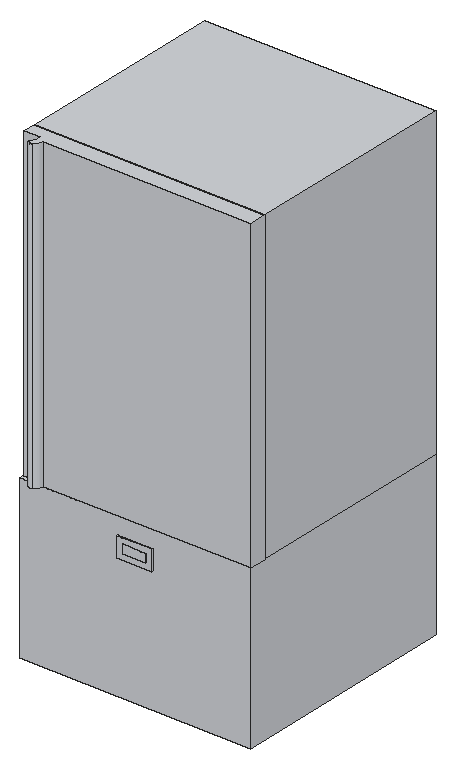
Revit family "Шкафы шоковой заморозки", category Оборудование, Revit 2020 (continued)
Automatic sketch dimensions
  curve 790 to curve 789 = 14.142 mm
  curve 1884 to curve 1883 = 14.142 mm
  curve 1680 to curve 1673 = 5.858 mm
  curve 1678 to curve 1671 = 5.858 mm
  curve 1681 to curve 1674 = 5.858 mm
  curve 1677 to curve 1670 = 5.858 mm
  curve 1676 to curve 1669 = 5.858 mm
  curve 797 to curve 786 = 5.858 mm
  curve 1682 to curve 1875 = 5.858 mm
  curve 796 to curve 785 = 5.858 mm
  curve 1675 to curve 1668 = 5.858 mm
  curve 795 to curve 784 = 5.858 mm
  curve 798 to curve 1667 = 5.858 mm
  curve 794 to curve 783 = 5.858 mm
  curve 1679 to curve 1672 = 5.858 mm
  curve 793 to curve 782 = 5.858 mm
  curve 792 to curve 781 = 5.858 mm
  curve 791 to curve 780 = 5.858 mm
  curve 1885 to curve 1880 = 5.858 mm
  curve 790 to curve 779 = 5.858 mm
  curve 1884 to curve 1879 = 5.858 mm
  curve 789 to curve 778 = 5.858 mm
  curve 1883 to curve 1878 = 5.858 mm
  curve 788 to curve 777 = 5.858 mm
  curve 1882 to curve 1877 = 5.858 mm
  curve 787 to curve 776 = 5.858 mm
  curve 1881 to curve 1876 = 5.858 mm
  curve 775 to curve 776 = 0 mm
  curve 1876 to curve 1875 = 14.142 mm
  curve 776 to curve 775 = 14.142 mm
  curve 1877 to curve 1876 = 14.142 mm
  curve 1669 to curve 1668 = 14.142 mm
  curve 777 to curve 776 = 14.142 mm
  curve 782 to curve 781 = 14.142 mm
  curve 780 to curve 779 = 14.142 mm
  curve 1670 to curve 1669 = 14.142 mm
  curve 1671 to curve 1670 = 14.142 mm
  curve 783 to curve 782 = 14.142 mm
  curve 784 to curve 783 = 14.142 mm
  curve 785 to curve 784 = 14.142 mm
  curve 786 to curve 785 = 14.142 mm
  curve 1674 to curve 1875 = 0 mm
  curve 1667 to curve 786 = 14.142 mm
  curve 1674 to curve 1673 = 14.142 mm
  curve 1880 to curve 1879 = 14.142 mm
  curve 781 to curve 780 = 14.142 mm
  curve 779 to curve 778 = 14.142 mm
  curve 1673 to curve 1672 = 14.142 mm
  curve 1879 to curve 1878 = 14.142 mm
  curve 1878 to curve 1877 = 14.142 mm
  curve 1672 to curve 1671 = 14.142 mm
  curve 778 to curve 777 = 14.142 mm
  curve 786 to curve 1667 = 0 mm
  curve 1880 to curve 1958 = 8.302 mm
  curve 1879 to curve 1957 = 8.302 mm
  curve 779 to curve 980 = 8.302 mm
  curve 777 to curve 978 = 8.302 mm
  curve 786 to curve 987 = 8.302 mm
  curve 1878 to curve 1956 = 8.302 mm
  curve 1668 to curve 1772 = 8.302 mm
  curve 782 to curve 983 = 8.302 mm
  curve 785 to curve 986 = 8.302 mm
  curve 1877 to curve 1955 = 8.302 mm
  curve 1876 to curve 1954 = 8.302 mm
  curve 1667 to curve 1771 = 8.302 mm
  curve 784 to curve 985 = 8.302 mm
  curve 1875 to curve 1953 = 8.302 mm
  curve 778 to curve 979 = 8.302 mm
  curve 1669 to curve 1773 = 8.302 mm
  curve 781 to curve 982 = 8.302 mm
  curve 783 to curve 984 = 8.302 mm
  curve 776 to curve 977 = 8.302 mm
  curve 775 to curve 976 = 8.302 mm
  curve 1674 to curve 1778 = 8.302 mm
  curve 1670 to curve 1774 = 8.302 mm
  curve 1673 to curve 1777 = 8.302 mm
  curve 1671 to curve 1775 = 8.302 mm
  curve 1672 to curve 1776 = 8.302 mm
  curve 780 to curve 981 = 8.302 mm
  curve 1776 to curve 1777 = 14.142 mm
  curve 1774 to curve 1775 = 14.142 mm
  curve 1777 to curve 1778 = 14.142 mm
  curve 983 to curve 984 = 14.142 mm
  curve 1773 to curve 1774 = 14.142 mm
  curve 979 to curve 980 = 14.142 mm
  curve 984 to curve 985 = 14.142 mm
  curve 985 to curve 986 = 14.142 mm
  curve 1772 to curve 1773 = 14.142 mm
  curve 978 to curve 979 = 14.142 mm
  curve 986 to curve 987 = 14.142 mm
  curve 976 to curve 976 = 14.142 mm
  curve 1771 to curve 1772 = 14.142 mm
  curve 976 to curve 977 = 14.142 mm
  curve 987 to curve 1771 = 0 mm
  curve 1957 to curve 1958 = 14.142 mm
  curve 1956 to curve 1957 = 14.142 mm
  curve 1955 to curve 1956 = 14.142 mm
  curve 1954 to curve 1955 = 14.142 mm
  curve 982 to curve 983 = 14.142 mm
  curve 1953 to curve 1954 = 14.142 mm
  curve 1778 to curve 1953 = 0 mm
  curve 980 to curve 981 = 14.142 mm
  curve 1775 to curve 1776 = 14.142 mm
  curve 981 to curve 982 = 14.142 mm
  curve 977 to curve 978 = 14.142 mm
  curve 1771 to curve 999 = 5.858 mm
  curve 986 to curve 997 = 5.858 mm
  curve 1953 to curve 1786 = 5.858 mm
  curve 1778 to curve 1785 = 5.858 mm
  curve 985 to curve 996 = 5.858 mm
  curve 1777 to curve 1784 = 5.858 mm
  curve 1776 to curve 1783 = 5.858 mm
  curve 984 to curve 995 = 5.858 mm
  curve 1772 to curve 1779 = 5.858 mm
  curve 1773 to curve 1780 = 5.858 mm
  curve 1774 to curve 1781 = 5.858 mm
  curve 983 to curve 994 = 5.858 mm
  curve 1958 to curve 1963 = 5.858 mm
  curve 982 to curve 993 = 5.858 mm
  curve 1957 to curve 1962 = 5.858 mm
  curve 1956 to curve 1961 = 5.858 mm
  curve 977 to curve 988 = 5.858 mm
  curve 1955 to curve 1960 = 5.858 mm
  curve 978 to curve 989 = 5.858 mm
  curve 979 to curve 990 = 5.858 mm
  curve 1954 to curve 1959 = 5.858 mm
  curve 980 to curve 991 = 5.858 mm
  curve 1775 to curve 1782 = 5.858 mm
  curve 987 to curve 998 = 5.858 mm
  curve 981 to curve 992 = 5.858 mm
  curve 993 to curve 994 = 14.142 mm
  curve 994 to curve 995 = 14.142 mm
  curve 1782 to curve 1783 = 14.142 mm
  curve 995 to curve 996 = 14.142 mm
  curve 996 to curve 997 = 14.142 mm
  curve 997 to curve 998 = 14.142 mm
  curve 998 to curve 999 = 14.142 mm
  curve 1785 to curve 1786 = 14.142 mm
  curve 1784 to curve 1785 = 14.142 mm
  curve 1783 to curve 1784 = 14.142 mm
  curve 999 to curve 1779 = 0 mm
  curve 1779 to curve 1780 = 14.142 mm
  curve 1780 to curve 1781 = 14.142 mm
  curve 1963 to curve 1964 = 14.142 mm
  curve 1962 to curve 1963 = 14.142 mm
  curve 1961 to curve 1962 = 14.142 mm
  curve 976 to curve 988 = 20 mm
  curve 1960 to curve 1961 = 14.142 mm
  curve 988 to curve 989 = 14.142 mm
  curve 1959 to curve 1960 = 14.142 mm
  curve 989 to curve 990 = 14.142 mm
  curve 1781 to curve 1782 = 14.142 mm
  curve 990 to curve 991 = 14.142 mm
  curve 1786 to curve 1959 = 0 mm
  curve 991 to curve 992 = 14.142 mm
  curve 992 to curve 993 = 14.142 mm
  curve 1959 to curve 1794 = 5.858 mm
  curve 1960 to curve 1965 = 5.858 mm
  curve 1785 to curve 1792 = 5.858 mm
  curve 1961 to curve 1966 = 5.858 mm
  curve 1784 to curve 1791 = 5.858 mm
  curve 1962 to curve 1967 = 5.858 mm
  curve 1783 to curve 1790 = 5.858 mm
  curve 1963 to curve 1968 = 5.858 mm
  curve 1782 to curve 1789 = 5.858 mm
  curve 1964 to curve 1969 = 5.858 mm
  curve 1781 to curve 1788 = 5.858 mm
  curve 1780 to curve 1787 = 5.858 mm
  curve 1779 to curve 1011 = 5.858 mm
  curve 989 to curve 1000 = 5.858 mm
  curve 999 to curve 1010 = 5.858 mm
  curve 990 to curve 1001 = 5.858 mm
  curve 998 to curve 1009 = 5.858 mm
  curve 991 to curve 1002 = 5.858 mm
  curve 992 to curve 1003 = 5.858 mm
  curve 997 to curve 1008 = 5.858 mm
  curve 993 to curve 1004 = 5.858 mm
  curve 996 to curve 1007 = 5.858 mm
  curve 994 to curve 1005 = 5.858 mm
  curve 995 to curve 1006 = 5.858 mm
  curve 1786 to curve 1793 = 5.858 mm
  curve 1006 to curve 1007 = 14.142 mm
  curve 1004 to curve 1005 = 14.142 mm
  curve 1007 to curve 1008 = 14.142 mm
  curve 1003 to curve 1004 = 14.142 mm
  curve 1008 to curve 1009 = 14.142 mm
  curve 1002 to curve 1003 = 14.142 mm
  curve 1001 to curve 1002 = 14.142 mm
  curve 1009 to curve 1010 = 14.142 mm
  curve 1000 to curve 1001 = 14.142 mm
  curve 1010 to curve 1011 = 14.142 mm
  curve 1000 to curve 1001 = 0 mm
  curve 1011 to curve 1787 = 0 mm
  curve 1787 to curve 1788 = 14.142 mm
  curve 1969 to curve 1970 = 14.142 mm
  curve 1794 to curve 1965 = 14.142 mm
  curve 1968 to curve 1969 = 14.142 mm
  curve 1789 to curve 1790 = 14.142 mm
  curve 1967 to curve 1968 = 14.142 mm
  curve 1790 to curve 1791 = 14.142 mm
  curve 1966 to curve 1967 = 14.142 mm
  curve 1791 to curve 1792 = 14.142 mm
  curve 1965 to curve 1966 = 14.142 mm
  curve 1792 to curve 1793 = 14.142 mm
  curve 1005 to curve 1006 = 14.142 mm
  curve 1794 to curve 1965 = 0 mm
  curve 1788 to curve 1789 = 14.142 mm
  curve 1788 to curve 1795 = 5.858 mm
  curve 1007 to curve 1018 = 5.858 mm
  curve 1789 to curve 1796 = 5.858 mm
  curve 1008 to curve 1019 = 5.858 mm
  curve 1790 to curve 1797 = 5.858 mm
  curve 1009 to curve 1020 = 5.858 mm
  curve 1791 to curve 1798 = 5.858 mm
  curve 1010 to curve 1021 = 5.858 mm
  curve 1011 to curve 1022 = 5.858 mm
  curve 1787 to curve 1023 = 5.858 mm
  curve 1792 to curve 1799 = 5.858 mm
  curve 1005 to curve 1016 = 5.858 mm
  curve 1967 to curve 1972 = 5.858 mm
  curve 1793 to curve 1800 = 5.858 mm
  curve 1970 to curve 1975 = 5.858 mm
  curve 1004 to curve 1015 = 5.858 mm
  curve 1968 to curve 1973 = 5.858 mm
  curve 1794 to curve 1801 = 5.858 mm
  curve 1966 to curve 1971 = 5.858 mm
  curve 1003 to curve 1014 = 5.858 mm
  curve 1969 to curve 1974 = 5.858 mm
  curve 1965 to curve 1802 = 5.858 mm
  curve 1001 to curve 1012 = 5.858 mm
  curve 1002 to curve 1013 = 5.858 mm
  curve 1006 to curve 1017 = 5.858 mm
  curve 1974 to curve 1975 = 14.142 mm
  curve 1013 to curve 1014 = 14.142 mm
  curve 1012 to curve 1036 = 5.858 mm
  curve 1801 to curve 1802 = 14.142 mm
  curve 1973 to curve 1974 = 14.142 mm
  curve 1014 to curve 1015 = 14.142 mm
  curve 1802 to curve 1971 = 0 mm
  curve 1800 to curve 1801 = 14.142 mm
  curve 1972 to curve 1973 = 14.142 mm
  curve 1015 to curve 1016 = 14.142 mm
  curve 1975 to curve 1976 = 14.142 mm
  curve 1799 to curve 1800 = 14.142 mm
  curve 1971 to curve 1972 = 14.142 mm
  curve 1022 to curve 1023 = 14.142 mm
  curve 1798 to curve 1799 = 14.142 mm
  curve 1021 to curve 1022 = 14.142 mm
  curve 1020 to curve 1021 = 14.142 mm
  curve 1797 to curve 1798 = 14.142 mm
  curve 1019 to curve 1020 = 14.142 mm
  curve 1796 to curve 1797 = 14.142 mm
  curve 1018 to curve 1019 = 14.142 mm
  curve 1795 to curve 1796 = 14.142 mm
  curve 1017 to curve 1018 = 14.142 mm
  curve 1012 to curve 1013 = 14.142 mm
  curve 1016 to curve 1017 = 14.142 mm
  curve 1023 to curve 1795 = 0 mm
  curve 1014 to curve 1025 = 5.858 mm
  curve 1015 to curve 1026 = 5.858 mm
  curve 1016 to curve 1027 = 5.858 mm
  curve 1017 to curve 1028 = 5.858 mm
  curve 1018 to curve 1029 = 5.858 mm
  curve 1019 to curve 1030 = 5.858 mm
  curve 1796 to curve 1803 = 5.858 mm
  curve 1020 to curve 1031 = 5.858 mm
  curve 1021 to curve 1032 = 5.858 mm
  curve 1797 to curve 1804 = 5.858 mm
  curve 1798 to curve 1805 = 5.858 mm
  curve 1799 to curve 1806 = 5.858 mm
  curve 1800 to curve 1807 = 5.858 mm
  curve 1801 to curve 1808 = 5.858 mm
  curve 1022 to curve 1033 = 5.858 mm
  curve 1023 to curve 1034 = 5.858 mm
  curve 1802 to curve 1809 = 5.858 mm
  curve 1971 to curve 1810 = 5.858 mm
  curve 1795 to curve 1035 = 5.858 mm
  curve 1972 to curve 1977 = 5.858 mm
  curve 1973 to curve 1978 = 5.858 mm
  curve 1974 to curve 1979 = 5.858 mm
  curve 1975 to curve 1980 = 5.858 mm
  curve 1976 to curve 1981 = 5.858 mm
  curve 1013 to curve 1024 = 5.858 mm
  curve 1036 to curve 1024 = 14.142 mm
  curve 1024 to curve 1025 = 14.142 mm
  curve 1025 to curve 1026 = 14.142 mm
  curve 1026 to curve 1027 = 14.142 mm
  curve 1027 to curve 1028 = 14.142 mm
  curve 1028 to curve 1029 = 14.142 mm
  curve 1029 to curve 1030 = 14.142 mm
  curve 1030 to curve 1031 = 14.142 mm
  curve 1031 to curve 1032 = 14.142 mm
  curve 1032 to curve 1033 = 14.142 mm
  curve 1033 to curve 1034 = 14.142 mm
  curve 1034 to curve 1035 = 14.142 mm
  curve 1037 to curve 1036 = 14.142 mm
  curve 1038 to curve 1037 = 14.142 mm
  curve 1039 to curve 1038 = 14.142 mm
  curve 1040 to curve 1039 = 14.142 mm
  curve 1186 to curve 1040 = 14.142 mm
  curve 1216 to curve 1204 = 14.142 mm
  curve 1810 to curve 1977 = 14.142 mm
  curve 1977 to curve 1978 = 14.142 mm
  curve 1978 to curve 1979 = 14.142 mm
  curve 1810 to curve 1977 = 0 mm
  curve 1808 to curve 1809 = 14.142 mm
  curve 1807 to curve 1808 = 14.142 mm
  curve 1979 to curve 1980 = 14.142 mm
  curve 1806 to curve 1807 = 14.142 mm
  curve 1805 to curve 1806 = 14.142 mm
  curve 1980 to curve 1981 = 14.142 mm
  curve 1804 to curve 1805 = 14.142 mm
  curve 1803 to curve 1804 = 14.142 mm
  curve 1981 to curve 1982 = 14.142 mm
  curve 1035 to curve 1803 = 0 mm
  curve 1204 to curve 1186 = 14.142 mm
  curve 1033 to curve 1049 = 5.858 mm
  curve 1034 to curve 1050 = 5.858 mm
  curve 1032 to curve 1048 = 5.858 mm
  curve 1035 to curve 1051 = 5.858 mm
  curve 1038 to curve 1056 = 5.858 mm
  curve 1031 to curve 1047 = 5.858 mm
  curve 1039 to curve 1057 = 5.858 mm
  curve 1803 to curve 1052 = 5.858 mm
  curve 1030 to curve 1046 = 5.858 mm
  curve 1979 to curve 1984 = 5.858 mm
  curve 1029 to curve 1045 = 5.858 mm
  curve 1024 to curve 1053 = 5.858 mm
  curve 1980 to curve 1985 = 5.858 mm
  curve 1028 to curve 1044 = 5.858 mm
  curve 1981 to curve 1986 = 5.858 mm
  curve 1036 to curve 1054 = 5.858 mm
  curve 1027 to curve 1043 = 5.858 mm
  curve 1982 to curve 1987 = 5.858 mm
  curve 1037 to curve 1055 = 5.858 mm
  curve 1026 to curve 1042 = 5.858 mm
  curve 1804 to curve 1811 = 5.858 mm
  curve 1805 to curve 1812 = 5.858 mm
  curve 1025 to curve 1041 = 5.858 mm
  curve 1806 to curve 1813 = 5.858 mm
  curve 1186 to curve 1205 = 5.858 mm
  curve 1807 to curve 1814 = 5.858 mm
  curve 1808 to curve 1815 = 5.858 mm
  curve 1978 to curve 1983 = 5.858 mm
  curve 1809 to curve 1816 = 5.858 mm
  curve 1040 to curve 1187 = 5.858 mm
  curve 1810 to curve 1817 = 5.858 mm
  curve 1977 to curve 1818 = 5.858 mm
  curve 1817 to curve 1818 = 14.142 mm
  curve 1816 to curve 1817 = 14.142 mm
  curve 1205 to curve 1187 = 14.142 mm
  curve 1815 to curve 1816 = 14.142 mm
  curve 1814 to curve 1815 = 14.142 mm
  curve 1205 to curve 1187 = 0 mm
  curve 1813 to curve 1814 = 14.142 mm
  curve 1812 to curve 1813 = 14.142 mm
  curve 1811 to curve 1812 = 14.142 mm
  curve 1052 to curve 1811 = 14.142 mm
  curve 1055 to curve 1054 = 14.142 mm
  curve 1054 to curve 1053 = 14.142 mm
  curve 1052 to curve 1811 = 0 mm
  curve 1050 to curve 1051 = 14.142 mm
  curve 1049 to curve 1050 = 14.142 mm
  curve 1818 to curve 1983 = 0 mm
  curve 1048 to curve 1049 = 14.142 mm
  curve 1057 to curve 1056 = 14.142 mm
  curve 1047 to curve 1048 = 14.142 mm
  curve 1187 to curve 1057 = 14.142 mm
  curve 1046 to curve 1047 = 14.142 mm
  curve 1983 to curve 1984 = 14.142 mm
  curve 1045 to curve 1046 = 14.142 mm
  curve 1984 to curve 1985 = 14.142 mm
  curve 1044 to curve 1045 = 14.142 mm
  curve 1985 to curve 1986 = 14.142 mm
  curve 1043 to curve 1044 = 14.142 mm
  curve 1986 to curve 1987 = 14.142 mm
  curve 1042 to curve 1043 = 14.142 mm
  curve 1987 to curve 1988 = 14.142 mm
  curve 1041 to curve 1042 = 14.142 mm
  curve 1053 to curve 1041 = 14.142 mm
  curve 1056 to curve 1055 = 14.142 mm
  curve 1057 to curve 1188 = 5.858 mm
  curve 1049 to curve 1065 = 5.858 mm
  curve 1813 to curve 1820 = 5.858 mm
  curve 1050 to curve 1066 = 5.858 mm
  curve 1814 to curve 1821 = 5.858 mm
  curve 1051 to curve 1067 = 5.858 mm
  curve 1187 to curve 1206 = 5.858 mm
  curve 1052 to curve 1068 = 5.858 mm
  curve 1815 to curve 1822 = 5.858 mm
  curve 1811 to curve 1069 = 5.858 mm
  curve 1816 to curve 1823 = 5.858 mm
  curve 1041 to curve 1070 = 5.858 mm
  curve 1817 to curve 1824 = 5.858 mm
  curve 1053 to curve 1071 = 5.858 mm
  curve 1818 to curve 1825 = 5.858 mm
  curve 1054 to curve 1072 = 5.858 mm
  curve 1983 to curve 1826 = 5.858 mm
  curve 1055 to curve 1073 = 5.858 mm
  curve 1042 to curve 1058 = 5.858 mm
  curve 1056 to curve 1074 = 5.858 mm
  curve 1043 to curve 1059 = 5.858 mm
  curve 1044 to curve 1060 = 5.858 mm
  curve 1045 to curve 1061 = 5.858 mm
  curve 1988 to curve 1993 = 5.858 mm
  curve 1046 to curve 1062 = 5.858 mm
  curve 1987 to curve 1992 = 5.858 mm
  curve 1047 to curve 1063 = 5.858 mm
  curve 1986 to curve 1991 = 5.858 mm
  curve 1048 to curve 1064 = 5.858 mm
  curve 1985 to curve 1990 = 5.858 mm
  curve 1812 to curve 1819 = 5.858 mm
  curve 1984 to curve 1989 = 5.858 mm
  curve 1826 to curve 1989 = 14.142 mm
  curve 1990 to curve 1991 = 14.142 mm
  curve 1063 to curve 1064 = 14.142 mm
  curve 1991 to curve 1992 = 14.142 mm
  curve 1062 to curve 1063 = 14.142 mm
  curve 1992 to curve 1993 = 14.142 mm
  curve 1061 to curve 1062 = 14.142 mm
  curve 1993 to curve 1994 = 14.142 mm
  curve 1060 to curve 1061 = 14.142 mm
  curve 1059 to curve 1060 = 14.142 mm
  curve 1058 to curve 1059 = 14.142 mm
  curve 1188 to curve 1074 = 14.142 mm
  curve 1070 to curve 1058 = 14.142 mm
  curve 1074 to curve 1073 = 14.142 mm
  curve 1826 to curve 1989 = 0 mm
  curve 1073 to curve 1072 = 14.142 mm
  curve 1824 to curve 1825 = 14.142 mm
  curve 1072 to curve 1071 = 14.142 mm
  curve 1823 to curve 1824 = 14.142 mm
  curve 1071 to curve 1070 = 14.142 mm
  curve 1822 to curve 1823 = 14.142 mm
  curve 1068 to curve 1069 = 14.142 mm
  curve 1821 to curve 1822 = 14.142 mm
  curve 1067 to curve 1068 = 14.142 mm
  curve 1205 to curve 1206 = 20 mm
  curve 1066 to curve 1067 = 14.142 mm
  curve 1820 to curve 1821 = 14.142 mm
  curve 1065 to curve 1066 = 14.142 mm
  curve 1819 to curve 1820 = 14.142 mm
  curve 1989 to curve 1990 = 14.142 mm
  curve 1069 to curve 1819 = 0 mm
  curve 1206 to curve 1188 = 14.142 mm
  curve 1064 to curve 1065 = 14.142 mm
  curve 1074 to curve 1189 = 5.858 mm
  curve 1073 to curve 1091 = 5.858 mm
  curve 1826 to curve 1833 = 5.858 mm
  curve 1072 to curve 1090 = 5.858 mm
  curve 1825 to curve 1832 = 5.858 mm
  curve 1071 to curve 1089 = 5.858 mm
  curve 1824 to curve 1831 = 5.858 mm
  curve 1070 to curve 1088 = 5.858 mm
  curve 1823 to curve 1830 = 5.858 mm
  curve 1058 to curve 1087 = 5.858 mm
  curve 1822 to curve 1829 = 5.858 mm
  curve 1819 to curve 1086 = 5.858 mm
  curve 1821 to curve 1828 = 5.858 mm
  curve 1069 to curve 1085 = 5.858 mm
  curve 1820 to curve 1827 = 5.858 mm
  curve 1068 to curve 1084 = 5.858 mm
  curve 1067 to curve 1083 = 5.858 mm
  curve 1994 to curve 1999 = 5.858 mm
  curve 1066 to curve 1082 = 5.858 mm
  curve 1993 to curve 1998 = 5.858 mm
  curve 1065 to curve 1081 = 5.858 mm
  curve 1064 to curve 1080 = 5.858 mm
  curve 1992 to curve 1997 = 5.858 mm
  curve 1063 to curve 1079 = 5.858 mm
  curve 1062 to curve 1078 = 5.858 mm
  curve 1188 to curve 1207 = 5.858 mm
  curve 1061 to curve 1077 = 5.858 mm
  curve 1991 to curve 1996 = 5.858 mm
  curve 1060 to curve 1076 = 5.858 mm
  curve 1990 to curve 1995 = 5.858 mm
  curve 1059 to curve 1075 = 5.858 mm
  curve 1989 to curve 1834 = 5.858 mm
  curve 1207 to curve 1189 = 14.142 mm
  curve 1834 to curve 1995 = 14.142 mm
  curve 1075 to curve 1076 = 14.142 mm
  curve 1995 to curve 1996 = 14.142 mm
  curve 1076 to curve 1077 = 14.142 mm
  curve 1207 to curve 1189 = 0 mm
  curve 1077 to curve 1078 = 14.142 mm
  curve 1996 to curve 1997 = 14.142 mm
  curve 1078 to curve 1079 = 14.142 mm
  curve 1079 to curve 1080 = 14.142 mm
  curve 1997 to curve 1998 = 14.142 mm
  curve 1080 to curve 1081 = 14.142 mm
  curve 1081 to curve 1082 = 14.142 mm
  curve 1998 to curve 1999 = 14.142 mm
  curve 1082 to curve 1083 = 14.142 mm
  curve 1999 to curve 2000 = 14.142 mm
  curve 1083 to curve 1084 = 14.142 mm
  curve 1086 to curve 1827 = 14.142 mm
  curve 1084 to curve 1085 = 14.142 mm
  curve 1827 to curve 1828 = 14.142 mm
  curve 1086 to curve 1827 = 0 mm
  curve 1828 to curve 1829 = 14.142 mm
  curve 1088 to curve 1087 = 14.142 mm
  curve 1829 to curve 1830 = 14.142 mm
  curve 1089 to curve 1088 = 14.142 mm
  curve 1830 to curve 1831 = 14.142 mm
  curve 1090 to curve 1089 = 14.142 mm
  curve 1831 to curve 1832 = 14.142 mm
  curve 1091 to curve 1090 = 14.142 mm
  curve 1832 to curve 1833 = 14.142 mm
  curve 1189 to curve 1091 = 14.142 mm
  curve 1834 to curve 1995 = 0 mm
  curve 1087 to curve 1075 = 14.142 mm
  curve 1832 to curve 1839 = 5.858 mm
  curve 1081 to curve 1097 = 5.858 mm
  curve 1831 to curve 1838 = 5.858 mm
  curve 1080 to curve 1096 = 5.858 mm
  curve 1830 to curve 1837 = 5.858 mm
  curve 1079 to curve 1095 = 5.858 mm
  curve 1829 to curve 1836 = 5.858 mm
  curve 1078 to curve 1094 = 5.858 mm
  curve 1828 to curve 1835 = 5.858 mm
  curve 1077 to curve 1093 = 5.858 mm
  curve 1076 to curve 1092 = 5.858 mm
  curve 1833 to curve 1840 = 5.858 mm
  curve 1083 to curve 1099 = 5.858 mm
  curve 1834 to curve 1841 = 5.858 mm
  curve 1084 to curve 1100 = 5.858 mm
  curve 1995 to curve 1842 = 5.858 mm
  curve 1827 to curve 1103 = 5.858 mm
  curve 2000 to curve 2005 = 5.858 mm
  curve 1999 to curve 2004 = 5.858 mm
  curve 1075 to curve 1104 = 5.858 mm
  curve 1998 to curve 2003 = 5.858 mm
  curve 1082 to curve 1098 = 5.858 mm
  curve 1091 to curve 1190 = 5.858 mm
  curve 1087 to curve 1105 = 5.858 mm
  curve 1997 to curve 2002 = 5.858 mm
  curve 1085 to curve 1101 = 5.858 mm
  curve 1996 to curve 2001 = 5.858 mm
  curve 1088 to curve 1106 = 5.858 mm
  curve 1090 to curve 1108 = 5.858 mm
  curve 1189 to curve 1208 = 5.858 mm
  curve 1089 to curve 1107 = 5.858 mm
  curve 1086 to curve 1102 = 5.858 mm
  curve 1190 to curve 1108 = 14.142 mm
  curve 1838 to curve 1839 = 14.142 mm
  curve 1101 to curve 1102 = 14.142 mm
  curve 1108 to curve 1107 = 14.142 mm
  curve 1207 to curve 1208 = 20 mm
  curve 1842 to curve 2001 = 14.142 mm
  curve 1096 to curve 1097 = 14.142 mm
  curve 1837 to curve 1838 = 14.142 mm
  curve 1095 to curve 1096 = 14.142 mm
  curve 2001 to curve 2002 = 14.142 mm
  curve 1836 to curve 1837 = 14.142 mm
  curve 1107 to curve 1106 = 14.142 mm
  curve 1094 to curve 1095 = 14.142 mm
  curve 1835 to curve 1836 = 14.142 mm
  curve 1100 to curve 1101 = 14.142 mm
  curve 1093 to curve 1094 = 14.142 mm
  curve 1208 to curve 1190 = 14.142 mm
  curve 1106 to curve 1105 = 14.142 mm
  curve 1103 to curve 1835 = 14.142 mm
  curve 2002 to curve 2003 = 14.142 mm
  curve 1092 to curve 1093 = 14.142 mm
  curve 1839 to curve 1840 = 14.142 mm
  curve 2003 to curve 2004 = 14.142 mm
  curve 1104 to curve 1092 = 14.142 mm
  curve 2004 to curve 2005 = 14.142 mm
  curve 1105 to curve 1104 = 14.142 mm
  curve 2005 to curve 2006 = 14.142 mm
  curve 1098 to curve 1099 = 14.142 mm
  curve 1840 to curve 1841 = 14.142 mm
  curve 1103 to curve 1835 = 0 mm
  curve 1099 to curve 1100 = 14.142 mm
  curve 1842 to curve 2001 = 0 mm
  curve 1097 to curve 1098 = 14.142 mm
  curve 2003 to curve 2008 = 5.858 mm
  curve 1099 to curve 1115 = 5.858 mm
  curve 2004 to curve 2009 = 5.858 mm
  curve 1107 to curve 1125 = 5.858 mm
  curve 2005 to curve 2010 = 5.858 mm
  curve 2002 to curve 2007 = 5.858 mm
  curve 1106 to curve 1124 = 5.858 mm
  curve 2006 to curve 2011 = 5.858 mm
  curve 1105 to curve 1123 = 5.858 mm
  curve 1097 to curve 1113 = 5.858 mm
  curve 1104 to curve 1122 = 5.858 mm
  curve 1836 to curve 1843 = 5.858 mm
  curve 1092 to curve 1121 = 5.858 mm
  curve 1835 to curve 1120 = 5.858 mm
  curve 1837 to curve 1844 = 5.858 mm
  curve 1103 to curve 1119 = 5.858 mm
  curve 1102 to curve 1118 = 5.858 mm
  curve 1101 to curve 1117 = 5.858 mm
  curve 1838 to curve 1845 = 5.858 mm
  curve 1839 to curve 1846 = 5.858 mm
  curve 1096 to curve 1112 = 5.858 mm
  curve 1095 to curve 1111 = 5.858 mm
  curve 1840 to curve 1847 = 5.858 mm
  curve 1108 to curve 1191 = 5.858 mm
  curve 1841 to curve 1848 = 5.858 mm
  curve 1094 to curve 1110 = 5.858 mm
  curve 1093 to curve 1109 = 5.858 mm
  curve 1842 to curve 1849 = 5.858 mm
  curve 2001 to curve 1850 = 5.858 mm
  curve 1190 to curve 1209 = 5.858 mm
  curve 1098 to curve 1114 = 5.858 mm
  curve 1100 to curve 1116 = 5.858 mm
  curve 1116 to curve 1117 = 14.142 mm
  curve 1118 to curve 1119 = 14.142 mm
  curve 1119 to curve 1120 = 14.142 mm
  curve 1122 to curve 1121 = 14.142 mm
  curve 1209 to curve 1191 = 14.142 mm
  curve 1209 to curve 1191 = 0 mm
  curve 1123 to curve 1122 = 14.142 mm
  curve 1120 to curve 1843 = 0 mm
  curve 1843 to curve 1844 = 14.142 mm
  curve 1844 to curve 1845 = 14.142 mm
  curve 1845 to curve 1846 = 14.142 mm
  curve 1846 to curve 1847 = 14.142 mm
  curve 1847 to curve 1848 = 14.142 mm
  curve 1848 to curve 1849 = 14.142 mm
  curve 1849 to curve 1850 = 14.142 mm
  curve 1124 to curve 1123 = 14.142 mm
  curve 2011 to curve 2012 = 14.142 mm
  curve 1125 to curve 1124 = 14.142 mm
  curve 2010 to curve 2011 = 14.142 mm
  curve 1191 to curve 1125 = 14.142 mm
  curve 2009 to curve 2010 = 14.142 mm
  curve 1115 to curve 1116 = 14.142 mm
  curve 1121 to curve 1109 = 14.142 mm
  curve 2008 to curve 2009 = 14.142 mm
  curve 1114 to curve 1115 = 14.142 mm
  curve 2007 to curve 2008 = 14.142 mm
  curve 1109 to curve 1110 = 14.142 mm
  curve 1113 to curve 1114 = 14.142 mm
  curve 1850 to curve 2007 = 0 mm
  curve 1112 to curve 1113 = 14.142 mm
  curve 1110 to curve 1111 = 14.142 mm
  curve 1117 to curve 1118 = 14.142 mm
  curve 1111 to curve 1112 = 14.142 mm
  curve 1117 to curve 1133 = 5.858 mm
  curve 1850 to curve 1857 = 5.858 mm
  curve 2007 to curve 1858 = 5.858 mm
  curve 1119 to curve 1135 = 5.858 mm
  curve 1115 to curve 1131 = 5.858 mm
  curve 1849 to curve 1856 = 5.858 mm
  curve 1114 to curve 1130 = 5.858 mm
  curve 1120 to curve 1136 = 5.858 mm
  curve 1113 to curve 1129 = 5.858 mm
  curve 1843 to curve 1137 = 5.858 mm
  curve 1112 to curve 1128 = 5.858 mm
  curve 1848 to curve 1855 = 5.858 mm
  curve 1111 to curve 1127 = 5.858 mm
  curve 1109 to curve 1138 = 5.858 mm
  curve 1110 to curve 1126 = 5.858 mm
  curve 1121 to curve 1139 = 5.858 mm
  curve 1847 to curve 1854 = 5.858 mm
  curve 1122 to curve 1140 = 5.858 mm
  curve 1846 to curve 1853 = 5.858 mm
  curve 1123 to curve 1141 = 5.858 mm
  curve 1845 to curve 1852 = 5.858 mm
  curve 1124 to curve 1142 = 5.858 mm
  curve 1844 to curve 1851 = 5.858 mm
  curve 1191 to curve 1210 = 5.858 mm
  curve 1125 to curve 1192 = 5.858 mm
  curve 2008 to curve 2013 = 5.858 mm
  curve 2009 to curve 2014 = 5.858 mm
  curve 2010 to curve 2015 = 5.858 mm
  curve 1118 to curve 1134 = 5.858 mm
  curve 2011 to curve 2016 = 5.858 mm
  curve 2012 to curve 2017 = 5.858 mm
  curve 1116 to curve 1132 = 5.858 mm
  curve 1138 to curve 1126 = 14.142 mm
  curve 1126 to curve 1127 = 14.142 mm
  curve 1127 to curve 1128 = 14.142 mm
  curve 1128 to curve 1129 = 14.142 mm
  curve 1129 to curve 1130 = 14.142 mm
  curve 1130 to curve 1131 = 14.142 mm
  curve 1131 to curve 1132 = 14.142 mm
  curve 2015 to curve 2016 = 14.142 mm
  curve 1132 to curve 1133 = 14.142 mm
  curve 1133 to curve 1134 = 14.142 mm
  curve 1134 to curve 1135 = 14.142 mm
  curve 1135 to curve 1136 = 14.142 mm
  curve 1136 to curve 1137 = 14.142 mm
  curve 1139 to curve 1138 = 14.142 mm
  curve 1140 to curve 1139 = 14.142 mm
  curve 1141 to curve 1140 = 14.142 mm
  curve 1142 to curve 1141 = 14.142 mm
  curve 1192 to curve 1142 = 14.142 mm
  curve 2014 to curve 2015 = 14.142 mm
  curve 2013 to curve 2014 = 14.142 mm
  curve 1858 to curve 2013 = 14.142 mm
  curve 1858 to curve 2013 = 0 mm
  curve 1856 to curve 1857 = 14.142 mm
  curve 1855 to curve 1856 = 14.142 mm
  curve 1854 to curve 1855 = 14.142 mm
  curve 1853 to curve 1854 = 14.142 mm
  curve 1852 to curve 1853 = 14.142 mm
  curve 1851 to curve 1852 = 14.142 mm
  curve 1137 to curve 1851 = 0 mm
  curve 1210 to curve 1210 = 14.142 mm
  curve 1210 to curve 1192 = 14.142 mm
  curve 2016 to curve 2017 = 14.142 mm
  curve 2017 to curve 2018 = 14.142 mm
  curve 1135 to curve 1151 = 5.858 mm
  curve 1127 to curve 1143 = 5.858 mm
  curve 1136 to curve 1152 = 5.858 mm
  curve 2013 to curve 1866 = 5.858 mm
  curve 1137 to curve 1153 = 5.858 mm
  curve 1858 to curve 1865 = 5.858 mm
  curve 1851 to curve 1154 = 5.858 mm
  curve 1857 to curve 1864 = 5.858 mm
  curve 1126 to curve 1155 = 5.858 mm
  curve 1856 to curve 1863 = 5.858 mm
  curve 1138 to curve 1156 = 5.858 mm
  curve 1855 to curve 1862 = 5.858 mm
  curve 1139 to curve 1157 = 5.858 mm
  curve 1854 to curve 1861 = 5.858 mm
  curve 1140 to curve 1158 = 5.858 mm
  curve 1853 to curve 1860 = 5.858 mm
  curve 1141 to curve 1159 = 5.858 mm
  curve 1852 to curve 1859 = 5.858 mm
  curve 1128 to curve 1144 = 5.858 mm
  curve 1129 to curve 1145 = 5.858 mm
  curve 1130 to curve 1146 = 5.858 mm
  curve 1134 to curve 1150 = 5.858 mm
  curve 1131 to curve 1147 = 5.858 mm
  curve 1192 to curve 1211 = 5.858 mm
  curve 1132 to curve 1148 = 5.858 mm
  curve 1142 to curve 1193 = 5.858 mm
  curve 2014 to curve 2019 = 5.858 mm
  curve 2018 to curve 2023 = 5.858 mm
  curve 2017 to curve 2022 = 5.858 mm
  curve 2016 to curve 2021 = 5.858 mm
  curve 2015 to curve 2020 = 5.858 mm
  curve 1133 to curve 1149 = 5.858 mm
  curve 2020 to curve 2021 = 14.142 mm
  curve 1151 to curve 1152 = 14.142 mm
  curve 1143 to curve 1144 = 14.142 mm
  curve 1152 to curve 1153 = 14.142 mm
  curve 2021 to curve 2022 = 14.142 mm
  curve 1865 to curve 1866 = 14.142 mm
  curve 2019 to curve 2020 = 14.142 mm
  curve 1153 to curve 1154 = 14.142 mm
  curve 2022 to curve 2023 = 14.142 mm
  curve 1864 to curve 1865 = 14.142 mm
  curve 1156 to curve 1155 = 14.142 mm
  curve 1863 to curve 1864 = 14.142 mm
  curve 1148 to curve 1149 = 14.142 mm
  curve 1211 to curve 1193 = 14.142 mm
  curve 1157 to curve 1156 = 14.142 mm
  curve 2023 to curve 2024 = 14.142 mm
  curve 1862 to curve 1863 = 14.142 mm
  curve 1866 to curve 2019 = 0 mm
  curve 1211 to curve 1193 = 0 mm
  curve 1158 to curve 1157 = 14.142 mm
  curve 1861 to curve 1862 = 14.142 mm
  curve 1159 to curve 1158 = 14.142 mm
  curve 1149 to curve 1150 = 14.142 mm
  curve 1860 to curve 1861 = 14.142 mm
  curve 1147 to curve 1148 = 14.142 mm
  curve 1193 to curve 1159 = 14.142 mm
  curve 1146 to curve 1147 = 14.142 mm
  curve 1859 to curve 1860 = 14.142 mm
  curve 1145 to curve 1146 = 14.142 mm
  curve 1154 to curve 1859 = 0 mm
  curve 1144 to curve 1145 = 14.142 mm
  curve 1150 to curve 1151 = 14.142 mm
  curve 1155 to curve 1143 = 14.142 mm
  curve 1144 to curve 1160 = 5.858 mm
  curve 1146 to curve 1162 = 5.858 mm
  curve 1147 to curve 1163 = 5.858 mm
  curve 1148 to curve 1164 = 5.858 mm
  curve 1193 to curve 1212 = 5.858 mm
  curve 1149 to curve 1165 = 5.858 mm
  curve 1150 to curve 1166 = 5.858 mm
  curve 1159 to curve 1194 = 5.858 mm
  curve 1151 to curve 1167 = 5.858 mm
  curve 1158 to curve 1176 = 5.858 mm
  curve 1152 to curve 1168 = 5.858 mm
  curve 1157 to curve 1175 = 5.858 mm
  curve 1156 to curve 1174 = 5.858 mm
  curve 1155 to curve 1173 = 5.858 mm
  curve 1143 to curve 1172 = 5.858 mm
  curve 2020 to curve 2025 = 5.858 mm
  curve 1860 to curve 1867 = 5.858 mm
  curve 2021 to curve 2026 = 5.858 mm
  curve 1861 to curve 1868 = 5.858 mm
  curve 2022 to curve 2027 = 5.858 mm
  curve 1862 to curve 1869 = 5.858 mm
  curve 2023 to curve 2028 = 5.858 mm
  curve 1863 to curve 1870 = 5.858 mm
  curve 2019 to curve 1874 = 5.858 mm
  curve 2024 to curve 2029 = 5.858 mm
  curve 1866 to curve 1873 = 5.858 mm
  curve 1153 to curve 1169 = 5.858 mm
  curve 1859 to curve 1171 = 5.858 mm
  curve 1865 to curve 1872 = 5.858 mm
  curve 1145 to curve 1161 = 5.858 mm
  curve 1864 to curve 1871 = 5.858 mm
  curve 1154 to curve 1170 = 5.858 mm
  curve 1958 to curve 1880 = 0 mm
  curve 1934 to curve 1939 = 0.858 mm
  curve 2000 to curve 2005 = 0.858 mm
  curve 1910 to curve 1915 = 0.858 mm
  curve 1904 to curve 1909 = 0.858 mm
  curve 1970 to curve 1975 = 0.858 mm
  curve 1964 to curve 1969 = 0.858 mm
  curve 1928 to curve 1933 = 0.858 mm
  curve 1994 to curve 1999 = 0.858 mm
  curve 1958 to curve 1963 = 0.858 mm
  curve 1880 to curve 1885 = 0.858 mm
  curve 1886 to curve 1891 = 0.858 mm
  curve 1988 to curve 1993 = 0.858 mm
  curve 1940 to curve 1945 = 0.858 mm
  curve 1976 to curve 1981 = 0.858 mm
  curve 2012 to curve 2017 = 0.858 mm
  curve 1958 to curve 1957 = 0.858 mm
  curve 2006 to curve 2011 = 0.858 mm
  curve 1898 to curve 1903 = 0.858 mm
  curve 2018 to curve 2023 = 0.858 mm
  curve 1922 to curve 1927 = 0.858 mm
  curve 1892 to curve 1897 = 0.858 mm
  curve 1916 to curve 1921 = 0.858 mm
  curve 1982 to curve 1987 = 0.858 mm
  curve 1946 to curve 1951 = 0.858 mm
  curve 2024 to curve 2029 = 0.858 mm
  curve 1879 to curve 1957 = 0 mm
  curve 1952 to curve 1951 = 15 mm
  curve 1898 to curve 1897 = 15 mm
  curve 1988 to curve 1987 = 15 mm
  curve 1904 to curve 1903 = 15 mm
  curve 2024 to curve 2023 = 15 mm
  curve 1958 to curve 1957 = 15 mm
  curve 1982 to curve 1981 = 15 mm
  curve 2012 to curve 2011 = 15 mm
  curve 1994 to curve 1993 = 15 mm
  curve 2018 to curve 2017 = 15 mm
  curve 1946 to curve 1945 = 15 mm
  curve 1928 to curve 1927 = 15 mm
  curve 1922 to curve 1921 = 15 mm
  curve 1916 to curve 1915 = 15 mm
  curve 1940 to curve 1939 = 15 mm
  curve 1892 to curve 1891 = 15 mm
  curve 1964 to curve 1963 = 15 mm
  curve 2000 to curve 1999 = 15 mm
  curve 1910 to curve 1909 = 15 mm
  curve 1886 to curve 1885 = 15 mm
  curve 1970 to curve 1969 = 15 mm
  curve 1934 to curve 1933 = 15 mm
  curve 1976 to curve 1975 = 15 mm  (x2)
  curve 1880 to curve 1879 = 15 mm
  curve 2030 to curve 2029 = 15 mm
  curve 2006 to curve 2005 = 15 mm
  curve 1999 to curve 2004 = 0.858 mm
  curve 1879 to curve 1878 = 0.858 mm
  curve 1879 to curve 1884 = 0.858 mm
  curve 1915 to curve 1920 = 0.858 mm
  curve 1993 to curve 1998 = 0.858 mm
  curve 1885 to curve 1890 = 0.858 mm
  curve 1933 to curve 1938 = 0.858 mm
  curve 1939 to curve 1944 = 0.858 mm
  curve 2005 to curve 2010 = 0.858 mm
  curve 1987 to curve 1992 = 0.858 mm
  curve 2017 to curve 2022 = 0.858 mm
  curve 1891 to curve 1896 = 0.858 mm
  curve 1945 to curve 1950 = 0.858 mm
  curve 1981 to curve 1986 = 0.858 mm
  curve 1897 to curve 1902 = 0.858 mm
  curve 2023 to curve 2028 = 0.858 mm
  curve 1956 to curve 1878 = 0 mm
  curve 1957 to curve 1962 = 0.858 mm
  curve 1975 to curve 1980 = 0.858 mm
  curve 2011 to curve 2016 = 0.858 mm
  curve 1903 to curve 1908 = 0.858 mm
  curve 1963 to curve 1968 = 0.858 mm
  curve 1927 to curve 1932 = 0.858 mm
  curve 1969 to curve 1974 = 0.858 mm
  curve 1909 to curve 1914 = 0.858 mm
  curve 1921 to curve 1926 = 0.858 mm
  curve 1969 to curve 1968 = 15 mm
  curve 1933 to curve 1932 = 15 mm
  curve 2005 to curve 2004 = 15 mm
  curve 1915 to curve 1914 = 15 mm
  curve 1903 to curve 1902 = 15 mm
  curve 1897 to curve 1896 = 15 mm
  curve 1975 to curve 1974 = 15 mm
  curve 1999 to curve 1998 = 15 mm
  curve 1987 to curve 1986 = 15 mm
  curve 2011 to curve 2010 = 15 mm
  curve 1963 to curve 1962 = 15 mm
  curve 1891 to curve 1890 = 15 mm
  curve 1885 to curve 1884 = 15 mm
  curve 2023 to curve 2022 = 15 mm
  curve 1879 to curve 1878 = 15 mm
  curve 1957 to curve 1956 = 15 mm
  curve 1939 to curve 1938 = 15 mm
  curve 1921 to curve 1920 = 15 mm
  curve 2017 to curve 2016 = 15 mm
  curve 1945 to curve 1944 = 15 mm
  curve 1981 to curve 1980 = 15 mm
  curve 2029 to curve 2028 = 15 mm
  curve 1951 to curve 1950 = 15 mm
  curve 1993 to curve 1992 = 15 mm
  curve 1927 to curve 1926 = 15 mm
  curve 1909 to curve 1908 = 15 mm
  curve 1926 to curve 1931 = 0.858 mm
  curve 1920 to curve 1925 = 0.858 mm
  curve 1998 to curve 2003 = 0.858 mm
  curve 1986 to curve 1991 = 0.858 mm
  curve 1944 to curve 1949 = 0.858 mm
  curve 2016 to curve 2021 = 0.858 mm
  curve 1908 to curve 1913 = 0.858 mm
  curve 1962 to curve 1967 = 0.858 mm
  curve 1974 to curve 1979 = 0.858 mm
  curve 2010 to curve 2015 = 0.858 mm
  curve 1938 to curve 1943 = 0.858 mm
  curve 1896 to curve 1901 = 0.858 mm
  curve 1890 to curve 1895 = 0.858 mm
  curve 1980 to curve 1985 = 0.858 mm
  curve 1914 to curve 1919 = 0.858 mm
  curve 2004 to curve 2009 = 0.858 mm
  curve 1956 to curve 1955 = 0.858 mm
  curve 1932 to curve 1937 = 0.858 mm
  curve 1992 to curve 1997 = 0.858 mm
  curve 1956 to curve 1961 = 0.858 mm
  curve 1884 to curve 1889 = 0.858 mm
  curve 1877 to curve 1955 = 0 mm
  curve 2022 to curve 2027 = 0.858 mm
  curve 1968 to curve 1973 = 0.858 mm
  curve 1878 to curve 1883 = 0.858 mm
  curve 1902 to curve 1907 = 0.858 mm
  curve 1920 to curve 1919 = 15 mm
  curve 1884 to curve 1883 = 15 mm
  curve 1890 to curve 1889 = 15 mm
  curve 1878 to curve 1877 = 15 mm
  curve 1974 to curve 1973 = 15 mm
  curve 1938 to curve 1937 = 15 mm
  curve 1968 to curve 1967 = 15 mm
  curve 1998 to curve 1997 = 15 mm
  curve 2010 to curve 2009 = 15 mm
  curve 1956 to curve 1955 = 15 mm
  curve 1896 to curve 1895 = 15 mm
  curve 1980 to curve 1979 = 15 mm
  curve 1986 to curve 1985 = 15 mm
  curve 2028 to curve 2027 = 15 mm
  curve 1902 to curve 1901 = 15 mm
  curve 1944 to curve 1943 = 15 mm
  curve 2016 to curve 2015 = 15 mm
  curve 1932 to curve 1931 = 15 mm
  curve 2022 to curve 2021 = 15 mm
  curve 1914 to curve 1913 = 15 mm
  curve 2004 to curve 2003 = 15 mm
  curve 1926 to curve 1925 = 15 mm
  curve 1950 to curve 1949 = 15 mm
  curve 1908 to curve 1907 = 15 mm
  curve 1962 to curve 1961 = 15 mm
  curve 1992 to curve 1991 = 15 mm
  curve 1877 to curve 1882 = 0.858 mm
  curve 1925 to curve 1930 = 0.858 mm
  curve 1943 to curve 1948 = 0.858 mm
  curve 1937 to curve 1942 = 0.858 mm
  curve 1973 to curve 1978 = 0.858 mm
  curve 1997 to curve 2002 = 0.858 mm
  curve 2009 to curve 2014 = 0.858 mm
  curve 1907 to curve 1912 = 0.858 mm
  curve 1889 to curve 1894 = 0.858 mm
  curve 1991 to curve 1996 = 0.858 mm
  curve 2003 to curve 2008 = 0.858 mm
  curve 1955 to curve 1954 = 0.858 mm
  curve 1931 to curve 1936 = 0.858 mm
  curve 1979 to curve 1984 = 0.858 mm
  curve 1883 to curve 1888 = 0.858 mm
  curve 2015 to curve 2020 = 0.858 mm
  curve 1913 to curve 1918 = 0.858 mm
  curve 2021 to curve 2026 = 0.858 mm
  curve 1961 to curve 1966 = 0.858 mm
  curve 1955 to curve 1960 = 0.858 mm
  curve 1919 to curve 1924 = 0.858 mm
  curve 1985 to curve 1990 = 0.858 mm
  curve 1901 to curve 1906 = 0.858 mm
  curve 1967 to curve 1972 = 0.858 mm
  curve 1895 to curve 1900 = 0.858 mm
  curve 1876 to curve 1954 = 0 mm
  curve 1877 to curve 1876 = 15 mm
  curve 1883 to curve 1882 = 15 mm
  curve 1949 to curve 1948 = 15 mm
  curve 1973 to curve 1972 = 15 mm
  curve 1907 to curve 1906 = 15 mm
  curve 1967 to curve 1966 = 15 mm
  curve 1961 to curve 1960 = 15 mm
  curve 2027 to curve 2026 = 15 mm
  curve 1931 to curve 1930 = 15 mm
  curve 1925 to curve 1924 = 15 mm
  curve 1889 to curve 1888 = 15 mm
  curve 1979 to curve 1978 = 15 mm
  curve 2021 to curve 2020 = 15 mm
  curve 1919 to curve 1918 = 15 mm
  curve 1937 to curve 1936 = 15 mm
  curve 1985 to curve 1984 = 15 mm
  curve 1955 to curve 1954 = 15 mm
  curve 1895 to curve 1894 = 15 mm
  curve 2009 to curve 2008 = 15 mm
  curve 1913 to curve 1912 = 15 mm
  curve 1997 to curve 1996 = 15 mm
  curve 2015 to curve 2014 = 15 mm
  curve 2003 to curve 2002 = 15 mm
  curve 1943 to curve 1942 = 15 mm
  curve 1901 to curve 1900 = 15 mm
  curve 1991 to curve 1990 = 15 mm
  curve 1936 to curve 1941 = 0.858 mm
  curve 1954 to curve 1953 = 0.858 mm
  curve 1930 to curve 1935 = 0.858 mm
  curve 1990 to curve 1995 = 0.858 mm
  curve 1942 to curve 1947 = 0.858 mm
  curve 2014 to curve 2019 = 0.858 mm
  curve 1918 to curve 1923 = 0.858 mm
  curve 1954 to curve 1959 = 0.858 mm
  curve 1894 to curve 1899 = 0.858 mm
  curve 2008 to curve 2013 = 0.858 mm
  curve 1875 to curve 1953 = 0 mm
  curve 1900 to curve 1905 = 0.858 mm
  curve 1966 to curve 1971 = 0.858 mm
  curve 2002 to curve 2007 = 0.858 mm
  curve 1960 to curve 1965 = 0.858 mm
  curve 1876 to curve 1881 = 0.858 mm
  curve 1972 to curve 1977 = 0.858 mm
  curve 1984 to curve 1989 = 0.858 mm
  curve 1996 to curve 2001 = 0.858 mm
  curve 1924 to curve 1929 = 0.858 mm
  curve 1882 to curve 1887 = 0.858 mm
  curve 1888 to curve 1893 = 0.858 mm
  curve 2020 to curve 2025 = 0.858 mm
  curve 1978 to curve 1983 = 0.858 mm
  curve 1906 to curve 1911 = 0.858 mm
  curve 1912 to curve 1917 = 0.858 mm
  curve 1971 to curve 1802 = 15 mm  (x2)
  curve 1959 to curve 1786 = 15 mm  (x2)
  curve 1893 to curve 1698 = 15 mm  (x2)
  curve 1941 to curve 1762 = 15 mm  (x2)
  curve 1905 to curve 1714 = 15 mm  (x2)
  curve 2025 to curve 1874 = 15 mm  (x2)
  curve 1965 to curve 1794 = 15 mm  (x2)
  curve 1923 to curve 1738 = 15 mm  (x2)
  curve 2013 to curve 1858 = 15 mm  (x2)
  curve 1887 to curve 1690 = 15 mm  (x2)
  curve 2007 to curve 1850 = 15 mm  (x2)
  curve 1917 to curve 1730 = 15 mm  (x2)
  curve 1977 to curve 1810 = 15 mm  (x2)
  curve 1947 to curve 1770 = 15 mm  (x2)
  curve 1983 to curve 1818 = 15 mm  (x2)
  curve 1881 to curve 1682 = 15 mm  (x2)
  curve 1875 to curve 1674 = 15 mm  (x2)
  curve 1929 to curve 1746 = 15 mm  (x2)
  curve 2001 to curve 1842 = 15 mm  (x2)
  curve 1995 to curve 1834 = 15 mm  (x2)
  curve 1778 to curve 1674 = 0 mm
  curve 1935 to curve 1754 = 15 mm  (x2)
  curve 2019 to curve 1866 = 15 mm  (x2)
  curve 1989 to curve 1826 = 15 mm  (x2)
  curve 1899 to curve 1706 = 15 mm  (x2)
  curve 1911 to curve 1722 = 15 mm  (x2)
  curve 1923 to curve 1746 = 0.858 mm
  curve 1953 to curve 1786 = 0.858 mm
  curve 1887 to curve 1698 = 0.858 mm
  curve 1959 to curve 1794 = 0.858 mm
  curve 2013 to curve 1866 = 0.858 mm
  curve 2019 to curve 1874 = 0.858 mm
  curve 2001 to curve 1850 = 0.858 mm
  curve 1911 to curve 1730 = 0.858 mm
  curve 1929 to curve 1754 = 0.858 mm
  curve 1941 to curve 1770 = 0.858 mm
  curve 1995 to curve 1842 = 0.858 mm
  curve 1899 to curve 1714 = 0.858 mm
  curve 1989 to curve 1834 = 0.858 mm
  curve 1935 to curve 1762 = 0.858 mm
  curve 1917 to curve 1738 = 0.858 mm
  curve 1881 to curve 1690 = 0.858 mm
  curve 2007 to curve 1858 = 0.858 mm
  curve 1875 to curve 1682 = 0.858 mm
  curve 1893 to curve 1706 = 0.858 mm
  curve 1983 to curve 1826 = 0.858 mm
  curve 2025 to curve 1874 = 0.858 mm
  curve 1905 to curve 1722 = 0.858 mm
  curve 1971 to curve 1810 = 0.858 mm
  curve 1965 to curve 1802 = 0.858 mm
  curve 1977 to curve 1818 = 0.858 mm
  curve 1947 to curve 1770 = 0.858 mm
  curve 1953 to curve 1778 = 15 mm
  curve 1850 to curve 1857 = 0.858 mm
  curve 1778 to curve 1777 = 0.858 mm
  curve 1802 to curve 1809 = 0.858 mm
  curve 1818 to curve 1825 = 0.858 mm
  curve 1842 to curve 1849 = 0.858 mm
  curve 1682 to curve 1689 = 0.858 mm
  curve 1674 to curve 1681 = 0.858 mm
  curve 1706 to curve 1713 = 0.858 mm
  curve 1778 to curve 1785 = 0.858 mm
  curve 1698 to curve 1705 = 0.858 mm
  curve 1762 to curve 1769 = 0.858 mm
  curve 1858 to curve 1865 = 0.858 mm
  curve 1786 to curve 1793 = 0.858 mm
  curve 1746 to curve 1753 = 0.858 mm
  curve 1722 to curve 1729 = 0.858 mm
  curve 1714 to curve 1721 = 0.858 mm
  curve 1794 to curve 1801 = 0.858 mm
  curve 1810 to curve 1817 = 0.858 mm
  curve 1866 to curve 1873 = 0.858 mm
  curve 1754 to curve 1761 = 0.858 mm
  curve 1690 to curve 1697 = 0.858 mm
  curve 1738 to curve 1745 = 0.858 mm
  curve 1826 to curve 1833 = 0.858 mm
  curve 1673 to curve 1777 = 0 mm
  curve 1730 to curve 1737 = 0.858 mm
  curve 1834 to curve 1841 = 0.858 mm
  curve 1858 to curve 1857 = 15 mm
  curve 1674 to curve 1673 = 15 mm
  curve 1714 to curve 1713 = 15 mm
  curve 1842 to curve 1841 = 15 mm
  curve 1850 to curve 1849 = 15 mm
  curve 1810 to curve 1809 = 15 mm
  curve 1866 to curve 1865 = 15 mm
  curve 1794 to curve 1793 = 15 mm
  curve 1706 to curve 1705 = 15 mm
  curve 1826 to curve 1825 = 15 mm
  curve 1682 to curve 1681 = 15 mm
  curve 1738 to curve 1737 = 15 mm
  curve 1754 to curve 1753 = 15 mm
  curve 1690 to curve 1689 = 15 mm
  curve 1762 to curve 1761 = 15 mm
  curve 1778 to curve 1777 = 15 mm
  curve 1722 to curve 1721 = 15 mm
  curve 1730 to curve 1729 = 15 mm
  curve 1834 to curve 1833 = 15 mm
  curve 1874 to curve 1873 = 15 mm
  curve 1746 to curve 1745 = 15 mm
  curve 1770 to curve 1769 = 15 mm
  curve 1698 to curve 1697 = 15 mm
  curve 1818 to curve 1817 = 15 mm
  curve 1786 to curve 1785 = 15 mm
  curve 1802 to curve 1801 = 15 mm
  curve 1737 to curve 1744 = 0.858 mm
  curve 1785 to curve 1792 = 0.858 mm
  curve 1817 to curve 1824 = 0.858 mm
  curve 1673 to curve 1672 = 0.858 mm
  curve 1849 to curve 1856 = 0.858 mm
  curve 1761 to curve 1768 = 0.858 mm
  curve 1833 to curve 1840 = 0.858 mm
  curve 1801 to curve 1808 = 0.858 mm
  curve 1673 to curve 1680 = 0.858 mm
  curve 1793 to curve 1800 = 0.858 mm
  curve 1745 to curve 1752 = 0.858 mm
  curve 1681 to curve 1688 = 0.858 mm
  curve 1776 to curve 1672 = 0 mm
  curve 1809 to curve 1816 = 0.858 mm
  curve 1777 to curve 1784 = 0.858 mm
  curve 1689 to curve 1696 = 0.858 mm
  curve 1753 to curve 1760 = 0.858 mm
  curve 1729 to curve 1736 = 0.858 mm
  curve 1841 to curve 1848 = 0.858 mm
  curve 1697 to curve 1704 = 0.858 mm
  curve 1705 to curve 1712 = 0.858 mm
  curve 1825 to curve 1832 = 0.858 mm
  curve 1721 to curve 1728 = 0.858 mm
  curve 1713 to curve 1720 = 0.858 mm
  curve 1865 to curve 1872 = 0.858 mm
  curve 1857 to curve 1864 = 0.858 mm
  curve 1769 to curve 1768 = 15 mm
  curve 1857 to curve 1856 = 15 mm
  curve 1817 to curve 1816 = 15 mm
  curve 1793 to curve 1792 = 15 mm
  curve 1673 to curve 1672 = 15 mm
  curve 1825 to curve 1824 = 15 mm
  curve 1841 to curve 1840 = 15 mm
  curve 1809 to curve 1808 = 15 mm
  curve 1681 to curve 1680 = 15 mm
  curve 1865 to curve 1864 = 15 mm
  curve 1753 to curve 1752 = 15 mm
  curve 1777 to curve 1776 = 15 mm
  curve 1689 to curve 1688 = 15 mm
  curve 1873 to curve 1872 = 15 mm
  curve 1697 to curve 1696 = 15 mm
  curve 1761 to curve 1760 = 15 mm
  curve 1705 to curve 1704 = 15 mm
  curve 1849 to curve 1848 = 15 mm
  curve 1713 to curve 1712 = 15 mm
  curve 1801 to curve 1800 = 15 mm
  curve 1721 to curve 1720 = 15 mm
  curve 1729 to curve 1728 = 15 mm
  curve 1833 to curve 1832 = 15 mm
  curve 1737 to curve 1736 = 15 mm
  curve 1745 to curve 1744 = 15 mm
  curve 1785 to curve 1784 = 15 mm
  curve 1680 to curve 1687 = 0.858 mm
  curve 1736 to curve 1743 = 0.858 mm
  curve 1840 to curve 1847 = 0.858 mm
  curve 1776 to curve 1783 = 0.858 mm
  curve 1728 to curve 1735 = 0.858 mm
  curve 1824 to curve 1831 = 0.858 mm
  curve 1848 to curve 1855 = 0.858 mm
  curve 1760 to curve 1767 = 0.858 mm
  curve 1720 to curve 1727 = 0.858 mm
  curve 1712 to curve 1719 = 0.858 mm
  curve 1808 to curve 1815 = 0.858 mm
  curve 1792 to curve 1799 = 0.858 mm
  curve 1752 to curve 1759 = 0.858 mm
  curve 1704 to curve 1711 = 0.858 mm
  curve 1800 to curve 1807 = 0.858 mm
  curve 1776 to curve 1775 = 0.858 mm
  curve 1696 to curve 1703 = 0.858 mm
  curve 1688 to curve 1695 = 0.858 mm
  curve 1784 to curve 1791 = 0.858 mm
  curve 1864 to curve 1871 = 0.858 mm
  curve 1744 to curve 1751 = 0.858 mm
  curve 1672 to curve 1679 = 0.858 mm
  curve 1671 to curve 1775 = 0 mm
  curve 1832 to curve 1839 = 0.858 mm
  curve 1816 to curve 1823 = 0.858 mm
  curve 1856 to curve 1863 = 0.858 mm
  curve 1864 to curve 1863 = 15 mm
  curve 1824 to curve 1823 = 15 mm
  curve 1752 to curve 1751 = 15 mm
  curve 1848 to curve 1847 = 15 mm
  curve 1840 to curve 1839 = 15 mm
  curve 1744 to curve 1743 = 15 mm
  curve 1680 to curve 1679 = 15 mm
  curve 1672 to curve 1671 = 15 mm
  curve 1832 to curve 1831 = 15 mm
  curve 1856 to curve 1855 = 15 mm
  curve 1736 to curve 1735 = 15 mm
  curve 1688 to curve 1687 = 15 mm
  curve 1768 to curve 1767 = 15 mm
  curve 1728 to curve 1727 = 15 mm
  curve 1872 to curve 1871 = 15 mm
  curve 1720 to curve 1719 = 15 mm
  curve 1816 to curve 1815 = 15 mm
  curve 1792 to curve 1791 = 15 mm
  curve 1800 to curve 1799 = 15 mm
  curve 1704 to curve 1703 = 15 mm
  curve 1808 to curve 1807 = 15 mm
  curve 1784 to curve 1783 = 15 mm
  curve 1760 to curve 1759 = 15 mm
  curve 1712 to curve 1711 = 15 mm
  curve 1776 to curve 1775 = 15 mm
  curve 1696 to curve 1695 = 15 mm
  curve 1703 to curve 1710 = 0.858 mm
  curve 1751 to curve 1758 = 0.858 mm
  curve 1711 to curve 1718 = 0.858 mm
  curve 1783 to curve 1790 = 0.858 mm
  curve 1791 to curve 1798 = 0.858 mm
  curve 1695 to curve 1702 = 0.858 mm
  curve 1687 to curve 1694 = 0.858 mm
  curve 1775 to curve 1782 = 0.858 mm
  curve 1759 to curve 1766 = 0.858 mm
  curve 1719 to curve 1726 = 0.858 mm
  curve 1863 to curve 1870 = 0.858 mm
  curve 1671 to curve 1670 = 0.858 mm
  curve 1727 to curve 1734 = 0.858 mm
  curve 1679 to curve 1686 = 0.858 mm
  curve 1807 to curve 1814 = 0.858 mm
  curve 1815 to curve 1822 = 0.858 mm
  curve 1823 to curve 1830 = 0.858 mm
  curve 1799 to curve 1806 = 0.858 mm
  curve 1847 to curve 1854 = 0.858 mm
  curve 1735 to curve 1742 = 0.858 mm
  curve 1831 to curve 1838 = 0.858 mm
  curve 1855 to curve 1862 = 0.858 mm
  curve 1743 to curve 1750 = 0.858 mm
  curve 1671 to curve 1678 = 0.858 mm
  curve 1774 to curve 1670 = 0 mm
  curve 1839 to curve 1846 = 0.858 mm
  curve 1687 to curve 1686 = 15 mm
  curve 1767 to curve 1766 = 15 mm
  curve 1807 to curve 1806 = 15 mm
  curve 1831 to curve 1830 = 15 mm
  curve 1799 to curve 1798 = 15 mm
  curve 1759 to curve 1758 = 15 mm
  curve 1751 to curve 1750 = 15 mm
  curve 1839 to curve 1838 = 15 mm
  curve 1815 to curve 1814 = 15 mm
  curve 1847 to curve 1846 = 15 mm
  curve 1791 to curve 1790 = 15 mm
  curve 1743 to curve 1742 = 15 mm
  curve 1735 to curve 1734 = 15 mm
  curve 1855 to curve 1854 = 15 mm
  curve 1783 to curve 1782 = 15 mm
  curve 1727 to curve 1726 = 15 mm
  curve 1671 to curve 1670 = 15 mm
  curve 1719 to curve 1718 = 15 mm
  curve 1863 to curve 1862 = 15 mm
  curve 1711 to curve 1710 = 15 mm
  curve 1679 to curve 1678 = 15 mm
  curve 1703 to curve 1702 = 15 mm
  curve 1823 to curve 1822 = 15 mm
  curve 1695 to curve 1694 = 15 mm
  curve 1871 to curve 1870 = 15 mm
  curve 1775 to curve 1774 = 15 mm
  curve 1774 to curve 1781 = 0.858 mm
  curve 1686 to curve 1693 = 0.858 mm
  curve 1814 to curve 1821 = 0.858 mm
  curve 1694 to curve 1701 = 0.858 mm
  curve 1862 to curve 1869 = 0.858 mm
  curve 1702 to curve 1709 = 0.858 mm
  curve 1670 to curve 1677 = 0.858 mm
  curve 1710 to curve 1717 = 0.858 mm
  curve 1854 to curve 1861 = 0.858 mm
  curve 1718 to curve 1725 = 0.858 mm
  curve 1670 to curve 1669 = 0.858 mm
  curve 1726 to curve 1733 = 0.858 mm
  curve 1846 to curve 1853 = 0.858 mm
  curve 1734 to curve 1741 = 0.858 mm
  curve 1782 to curve 1789 = 0.858 mm
  curve 1806 to curve 1813 = 0.858 mm
  curve 1838 to curve 1845 = 0.858 mm
  curve 1742 to curve 1749 = 0.858 mm
  curve 1830 to curve 1837 = 0.858 mm
  curve 1750 to curve 1757 = 0.858 mm
  curve 1790 to curve 1797 = 0.858 mm
  curve 1758 to curve 1765 = 0.858 mm
  curve 1798 to curve 1805 = 0.858 mm
  curve 1773 to curve 1669 = 0 mm
  curve 1678 to curve 1685 = 0.858 mm
  curve 1822 to curve 1829 = 0.858 mm
  curve 1678 to curve 1677 = 15 mm
  curve 1718 to curve 1717 = 15 mm
  curve 1814 to curve 1813 = 15 mm
  curve 1710 to curve 1709 = 15 mm
  curve 1702 to curve 1701 = 15 mm
  curve 1726 to curve 1725 = 15 mm
  curve 1854 to curve 1853 = 15 mm
  curve 1694 to curve 1693 = 15 mm
  curve 1782 to curve 1781 = 15 mm
  curve 1734 to curve 1733 = 15 mm
  curve 1686 to curve 1685 = 15 mm
